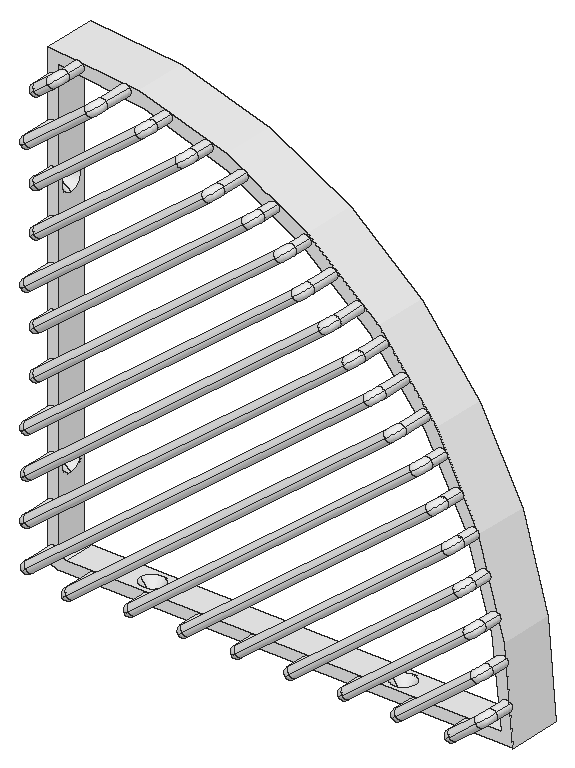
Revit family "Soap_Dish-Grohe-Selection_Cube-40809_Series", category Specialty Equipment, host Face, Revit 2018
Family settings
  Host = Face
  Round Connector Dimension = Use Diameter
  Part Type = Normal
  OmniClass Number = 23.40.20.21.34
  OmniClass Title = Soap Holders, Dispensers
  Cut with Voids When Loaded = No
  Shared = Yes
  Room Calculation Point = No
Parameters (values of type "40809000")
  Width = 7 7/8"  # constant formula
  URL = "https://www.grohe.us"
  Type Comments = ""
  Revised Date = "05/28/2021"  # constant formula
  Product Page URL = "https://www.grohe.us/en_us/selection-cube-corner-shelf-40809000.html"
  Price = "Prices may vary. Please consult Manufacturer Representative for most up-to-date price list."  # constant formula
  Model = "40809000"
  Material = "Metal-Grohe-000-StarLight Chrome"
  Manufacturer = "Grohe"  # constant formula
  Length = 7 7/8"  # constant formula
  Installation Type = "Wall Mounted"  # constant formula
  Height = 1 5/8"  # constant formula
  Finish = Metal-Grohe-000-StarLight Chrome
  Description = "Selection Cube Corner shelf"  # constant formula
  Default Elevation = 43"  # constant formula
  Creation Date = "07/20/2017"  # constant formula
  Assembly Code = "C1030200"
Reference planes (in)
  plane 1 "Center (Front/Back)": y = 0
  plane 2: z = 0
  plane 3 "Center (Left/Right)": x = 0
  plane 4: z = 7.875
  plane 5: x = -2.625
  plane 6: x = 5.25
  plane 7: y = 0.6875
  plane 8: y = -0.9375
  plane 9: z = 7.875
  plane 10: y = 0.3125
Forms (in)
  Sweep 1, solid, material "Metal-Grohe-000-StarLight Chrome" <- "Finish"
    path origin (1.67027, 0, 2.87297) x (0.783523, 0, 0.621363) y (0, 1, 0)
      loop
        line (-4.47306, -0.22656) -> (-4.47306, -0.72266)
        arc (-4.47306, -0.72266) -> (-4.43645, -0.81104) -> (-4.34806, -0.84766) r 0.125
        line (-4.34806, -0.84766) -> (2.53556, -0.84766)
        arc (2.53556, -0.84766) -> (2.62395, -0.81104) -> (2.66056, -0.72266) r 0.125
        line (2.66056, -0.72266) -> (2.66056, -0.22656)
    profile origin (-1.83448, -0.47461, 0.09357) x (0.783523, 0, 0.621363) y (-0.621363, 0, 0.783523)
      loop
        circle (0, 0) r 0.0899
  Sweep 2, solid, material "Metal-Grohe-000-StarLight Chrome" <- "Finish"
    path origin (1.05612, 0, 5.92291) x (0.783523, 0, 0.621363) y (0, 1, 0)
      loop
        line (-4.56832, -0.22656) -> (-4.56832, -0.53991)
        arc (-4.56832, -0.53991) -> (-4.53171, -0.6283) -> (-4.44332, -0.66491) r 0.125
        line (-4.44332, -0.66491) -> (0.75611, -0.66491)
        arc (0.75611, -0.66491) -> (0.8445, -0.6283) -> (0.88111, -0.53991) r 0.125
        line (0.88111, -0.53991) -> (0.88111, -0.22656)
    profile origin (-2.52327, -0.38324, 3.08432) x (0.783523, 0, 0.621363) y (-0.621363, 0, 0.783523)
      loop
        circle (0, 0) r 0.0899
  Sweep 3, solid, material "Metal-Grohe-000-StarLight Chrome" <- "Finish"
    path origin (3.12869, 0, 3.30945) x (0.783523, 0, 0.621363) y (0, -1, 0)
      loop
        line (-5.1777, 0.22656) -> (-5.1777, 0.53991)
        arc (-5.1777, 0.53991) -> (-5.14109, 0.6283) -> (-5.0527, 0.66491) r 0.125
        line (-5.0527, 0.66491) -> (1.05298, 0.66491)
        arc (1.05298, 0.66491) -> (1.14137, 0.6283) -> (1.17798, 0.53991) r 0.125
        line (1.17798, 0.53991) -> (1.17798, 0.22656)
    profile origin (-0.92816, -0.38324, 0.09222) x (-0.783523, 0, -0.621363) y (0.621363, 0, -0.783523)
      loop
        circle (0, 0) r 0.0899
  Sweep 4, solid, material "Metal-Grohe-000-StarLight Chrome" <- "Finish"
    path origin (1.32471, 0, 3.3087) x (0.783523, 0, 0.621363) y (0, 1, 0)
      loop
        line (-4.91056, -0.22656) -> (-4.91056, -0.72266)
        arc (-4.91056, -0.72266) -> (-4.87395, -0.81104) -> (-4.78556, -0.84766) r 0.125
        line (-4.78556, -0.84766) -> (2.53556, -0.84766)
        arc (2.53556, -0.84766) -> (2.62395, -0.81104) -> (2.66056, -0.72266) r 0.125
        line (2.66056, -0.72266) -> (2.66056, -0.22656)
    profile origin (-2.52282, -0.47461, 0.25746) x (0.783523, 0, 0.621363) y (-0.621363, 0, 0.783523)
      loop
        circle (0, 0) r 0.0899
  Sweep 5, solid, material "Metal-Grohe-000-StarLight Chrome" <- "Finish"
    path origin (0.97916, 0, 3.74443) x (0.783523, 0, 0.621363) y (0, -1, 0)
      loop
        line (-4.48868, 0.22656) -> (-4.48868, 0.72266)
        arc (-4.48868, 0.72266) -> (-4.45207, 0.81104) -> (-4.36368, 0.84766) r 0.125
        line (-4.36368, 0.84766) -> (2.51993, 0.84766)
        arc (2.51993, 0.84766) -> (2.60832, 0.81104) -> (2.64493, 0.72266) r 0.125
        line (2.64493, 0.72266) -> (2.64493, 0.22656)
    profile origin (-2.53782, -0.47461, 0.95533) x (-0.783523, 0, -0.621363) y (0.621363, 0, -0.783523)
      loop
        circle (0, 0) r 0.0899
  Sweep 6, solid, material "Metal-Grohe-000-StarLight Chrome" <- "Finish"
    path origin (0.25681, 0, 4.58465) x (0.783523, 0, 0.621363) y (0, -1, 0)
      loop
        line (-3.56681, 0.22656) -> (-3.56681, 0.72266)
        arc (-3.56681, 0.72266) -> (-3.5302, 0.81104) -> (-3.44181, 0.84766) r 0.125
        line (-3.44181, 0.84766) -> (2.34806, 0.84766)
        arc (2.34806, 0.84766) -> (2.43645, 0.81104) -> (2.47306, 0.72266) r 0.125
        line (2.47306, 0.72266) -> (2.47306, 0.22656)
    profile origin (-2.53787, -0.47461, 2.36837) x (-0.783523, 0, -0.621363) y (0.621363, 0, -0.783523)
      loop
        circle (0, 0) r 0.0899
  Sweep 7, solid, material "Metal-Grohe-000-StarLight Chrome" <- "Finish"
    path origin (0.63361, 0, 4.18017) x (0.783523, 0, 0.621363) y (0, -1, 0)
      loop
        line (-4.03556, 0.22656) -> (-4.03556, 0.72266)
        arc (-4.03556, 0.72266) -> (-3.99895, 0.81104) -> (-3.91056, 0.84766) r 0.125
        line (-3.91056, 0.84766) -> (2.44181, 0.84766)
        arc (2.44181, 0.84766) -> (2.5302, 0.81104) -> (2.56681, 0.72266) r 0.125
        line (2.56681, 0.72266) -> (2.56681, 0.22656)
    profile origin (-2.52834, -0.47461, 1.67262) x (-0.783523, 0, -0.621363) y (0.621363, 0, -0.783523)
      loop
        circle (0, 0) r 0.0899
  Extrusion 8, solid, material "Metal-Grohe-000-StarLight Chrome" <- "Finish"
    sketch origin (0, 0, 0) x (1, 0, 0) y (0, 0, 1)
      loop
        line (5.17166, 0) -> (5.17166, 0.1875) -> (-2.3125, 0.1875)
        arc (-2.3125, 0.1875) -> (-2.40089, 0.22411) -> (-2.4375, 0.3125) r 0.125
        line (-2.4375, 0.3125) -> (-2.4375, 7.80505) -> (-2.625, 7.80505) -> (-2.625, 0.22293)
        arc (-2.625, 0.22293) -> (-2.5597, 0.0653) -> (-2.40207, 0) r 0.22293
        line (-2.40207, 0) -> (5.17166, 0)
    from -0.3125 to 0.22656
  Extrusion 9, solid, material "Metal-Grohe-000-StarLight Chrome" <- "Finish"
    sketch origin (6.47527, 0, -0.56651) x (1, 0, 0) y (0, 0, 1)
      loop
        arc (-1.22627, 0.56651) -> (-3.49519, 6.17159) -> (-9.10027, 8.4405) r 7.75
        line (-9.10027, 8.4405) -> (-9.10027, 8.24177)
        arc (-9.10027, 8.24177) -> (-3.64531, 6.01572) -> (-1.40522, 0.56651) r 7.625
        line (-1.40522, 0.56651) -> (-1.22627, 0.56651)
    from -0.6875 to 0.22656
  Sweep 10, solid, material "Metal-Grohe-000-StarLight Chrome" <- "Finish"
    path origin (1.05612, 0, 6.67291) x (0.783523, 0, 0.621363) y (0, 1, 0)
      loop
        line (-4.56832, -0.22656) -> (-4.56832, -0.53991)
        arc (-4.56832, -0.53991) -> (-4.53171, -0.6283) -> (-4.44332, -0.66491) r 0.125
        line (-4.44332, -0.66491) -> (0.06861, -0.66491)
        arc (0.06861, -0.66491) -> (0.157, -0.6283) -> (0.19361, -0.53991) r 0.125
        line (0.19361, -0.53991) -> (0.19361, -0.22656)
    profile origin (-2.52327, -0.38324, 3.83432) x (0.783523, 0, 0.621363) y (-0.621363, 0, 0.783523)
      loop
        circle (0, 0) r 0.0899
  Sweep 11, solid, material "Metal-Grohe-000-StarLight Chrome" <- "Finish"
    path origin (1.05612, 0, 8.09168) x (0.783523, 0, 0.621363) y (0, 1, 0)
      loop
        line (-4.56832, -0.22656) -> (-4.56832, -0.53991)
        arc (-4.56832, -0.53991) -> (-4.53171, -0.6283) -> (-4.44332, -0.66491) r 0.125
        line (-4.44332, -0.66491) -> (-1.36889, -0.66491)
        arc (-1.36889, -0.66491) -> (-1.2805, -0.6283) -> (-1.24389, -0.53991) r 0.125
        line (-1.24389, -0.53991) -> (-1.24389, -0.22656)
    profile origin (-2.52327, -0.38324, 5.25309) x (0.783523, 0, 0.621363) y (-0.621363, 0, 0.783523)
      loop
        circle (0, 0) r 0.0899
  Sweep 12, solid, material "Metal-Grohe-000-StarLight Chrome" <- "Finish"
    path origin (0.25681, 0, 6.75343) x (0.783523, 0, 0.621363) y (0, -1, 0)
      loop
        line (-3.56681, 0.22656) -> (-3.56681, 0.72266)
        arc (-3.56681, 0.72266) -> (-3.5302, 0.81104) -> (-3.44181, 0.84766) r 0.125
        line (-3.44181, 0.84766) -> (0.41056, 0.84766)
        arc (0.41056, 0.84766) -> (0.49895, 0.81104) -> (0.53556, 0.72266) r 0.125
        line (0.53556, 0.72266) -> (0.53556, 0.22656)
    profile origin (-2.53787, -0.47461, 4.53714) x (-0.783523, 0, -0.621363) y (0.621363, 0, -0.783523)
      loop
        circle (0, 0) r 0.0899
  Sweep 13, solid, material "Metal-Grohe-000-StarLight Chrome" <- "Finish"
    path origin (1.05612, 0, 8.84168) x (0.783523, 0, 0.621363) y (0, 1, 0)
      loop
        line (-4.56832, -0.22656) -> (-4.56832, -0.53991)
        arc (-4.56832, -0.53991) -> (-4.53171, -0.6283) -> (-4.44332, -0.66491) r 0.125
        line (-4.44332, -0.66491) -> (-2.24389, -0.66491)
        arc (-2.24389, -0.66491) -> (-2.1555, -0.6283) -> (-2.11889, -0.53991) r 0.125
        line (-2.11889, -0.53991) -> (-2.11889, -0.22656)
    profile origin (-2.52327, -0.38324, 6.00309) x (0.783523, 0, 0.621363) y (-0.621363, 0, 0.783523)
      loop
        circle (0, 0) r 0.0899
  Sweep 14, solid, material "Metal-Grohe-000-StarLight Chrome" <- "Finish"
    path origin (1.05612, 0, 10.26046) x (0.783523, 0, 0.621363) y (0, 1, 0)
      loop
        line (-4.56832, -0.22656) -> (-4.56832, -0.53991)
        arc (-4.56832, -0.53991) -> (-4.53171, -0.6283) -> (-4.44332, -0.66491) r 0.125
        line (-4.44332, -0.66491) -> (-4.15014, -0.66491)
        arc (-4.15014, -0.66491) -> (-4.06175, -0.6283) -> (-4.02514, -0.53991) r 0.125
        line (-4.02514, -0.53991) -> (-4.02514, -0.22656)
    profile origin (-2.52327, -0.38324, 7.42187) x (0.783523, 0, 0.621363) y (-0.621363, 0, 0.783523)
      loop
        circle (0, 0) r 0.0899
  Sweep 15, solid, material "Metal-Grohe-000-StarLight Chrome" <- "Finish"
    path origin (0.25681, 0, 8.9222) x (0.783523, 0, 0.621363) y (0, -1, 0)
      loop
        line (-3.56681, 0.22656) -> (-3.56681, 0.72266)
        arc (-3.56681, 0.72266) -> (-3.5302, 0.81104) -> (-3.44181, 0.84766) r 0.125
        line (-3.44181, 0.84766) -> (-2.12069, 0.84766)
        arc (-2.12069, 0.84766) -> (-2.0323, 0.81104) -> (-1.99569, 0.72266) r 0.125
        line (-1.99569, 0.72266) -> (-1.99569, 0.22656)
    profile origin (-2.53787, -0.47461, 6.70592) x (-0.783523, 0, -0.621363) y (0.621363, 0, -0.783523)
      loop
        circle (0, 0) r 0.0899
  Sweep 16, solid, material "Metal-Grohe-000-StarLight Chrome" <- "Finish"
    path origin (4.03395, 0, 3.30945) x (0.783523, 0, 0.621363) y (0, -1, 0)
      loop
        line (-5.1777, 0.22656) -> (-5.1777, 0.53991)
        arc (-5.1777, 0.53991) -> (-5.14109, 0.6283) -> (-5.0527, 0.66491) r 0.125
        line (-5.0527, 0.66491) -> (0.24048, 0.66491)
        arc (0.24048, 0.66491) -> (0.32887, 0.6283) -> (0.36548, 0.53991) r 0.125
        line (0.36548, 0.53991) -> (0.36548, 0.22656)
    profile origin (-0.02289, -0.38324, 0.09222) x (-0.783523, 0, -0.621363) y (0.621363, 0, -0.783523)
      loop
        circle (0, 0) r 0.0899
  Sweep 17, solid, material "Metal-Grohe-000-StarLight Chrome" <- "Finish"
    path origin (4.93921, 0, 3.30945) x (0.783523, 0, 0.621363) y (0, -1, 0)
      loop
        line (-5.1777, 0.22656) -> (-5.1777, 0.53991)
        arc (-5.1777, 0.53991) -> (-5.14109, 0.6283) -> (-5.0527, 0.66491) r 0.125
        line (-5.0527, 0.66491) -> (-0.57202, 0.66491)
        arc (-0.57202, 0.66491) -> (-0.48363, 0.6283) -> (-0.44702, 0.53991) r 0.125
        line (-0.44702, 0.53991) -> (-0.44702, 0.22656)
    profile origin (0.88237, -0.38324, 0.09222) x (-0.783523, 0, -0.621363) y (0.621363, 0, -0.783523)
      loop
        circle (0, 0) r 0.0899
  Sweep 18, solid, material "Metal-Grohe-000-StarLight Chrome" <- "Finish"
    path origin (5.84448, 0, 3.30945) x (0.783523, 0, 0.621363) y (0, -1, 0)
      loop
        line (-5.1777, 0.22656) -> (-5.1777, 0.53991)
        arc (-5.1777, 0.53991) -> (-5.14109, 0.6283) -> (-5.0527, 0.66491) r 0.125
        line (-5.0527, 0.66491) -> (-1.47827, 0.66491)
        arc (-1.47827, 0.66491) -> (-1.38988, 0.6283) -> (-1.35327, 0.53991) r 0.125
        line (-1.35327, 0.53991) -> (-1.35327, 0.22656)
    profile origin (1.78764, -0.38324, 0.09222) x (-0.783523, 0, -0.621363) y (0.621363, 0, -0.783523)
      loop
        circle (0, 0) r 0.0899
  Sweep 19, solid, material "Metal-Grohe-000-StarLight Chrome" <- "Finish"
    path origin (6.74974, 0, 3.30945) x (0.783523, 0, 0.621363) y (0, -1, 0)
      loop
        line (-5.1777, 0.22656) -> (-5.1777, 0.53991)
        arc (-5.1777, 0.53991) -> (-5.14109, 0.6283) -> (-5.0527, 0.66491) r 0.125
        line (-5.0527, 0.66491) -> (-2.41577, 0.66491)
        arc (-2.41577, 0.66491) -> (-2.32738, 0.6283) -> (-2.29077, 0.53991) r 0.125
        line (-2.29077, 0.53991) -> (-2.29077, 0.22656)
    profile origin (2.6929, -0.38324, 0.09222) x (-0.783523, 0, -0.621363) y (0.621363, 0, -0.783523)
      loop
        circle (0, 0) r 0.0899
  Sweep 20, solid, material "Metal-Grohe-000-StarLight Chrome" <- "Finish"
    path origin (7.65501, 0, 3.30945) x (0.783523, 0, 0.621363) y (0, -1, 0)
      loop
        line (-5.1777, 0.22656) -> (-5.1777, 0.53991)
        arc (-5.1777, 0.53991) -> (-5.14109, 0.6283) -> (-5.0527, 0.66491) r 0.125
        line (-5.0527, 0.66491) -> (-3.41577, 0.66491)
        arc (-3.41577, 0.66491) -> (-3.32738, 0.6283) -> (-3.29077, 0.53991) r 0.125
        line (-3.29077, 0.53991) -> (-3.29077, 0.22656)
    profile origin (3.59816, -0.38324, 0.09222) x (-0.783523, 0, -0.621363) y (0.621363, 0, -0.783523)
      loop
        circle (0, 0) r 0.0899
  Sweep 21, solid, material "Metal-Grohe-000-StarLight Chrome" <- "Finish"
    path origin (8.56027, 0, 3.30945) x (0.783523, 0, 0.621363) y (0, -1, 0)
      loop
        line (-5.1777, 0.22656) -> (-5.1777, 0.53991)
        arc (-5.1777, 0.53991) -> (-5.14109, 0.6283) -> (-5.0527, 0.66491) r 0.125
        line (-5.0527, 0.66491) -> (-4.47827, 0.66491)
        arc (-4.47827, 0.66491) -> (-4.38988, 0.6283) -> (-4.35327, 0.53991) r 0.125
        line (-4.35327, 0.53991) -> (-4.35327, 0.22656)
    profile origin (4.50343, -0.38324, 0.09222) x (-0.783523, 0, -0.621363) y (0.621363, 0, -0.783523)
      loop
        circle (0, 0) r 0.0899
  Revolve 22, void
    sketch origin (0, 0.04551, 0) x (1, 0, 0) y (0, 0, 1)
      loop
        line (3.18969, 0.1875) -> (3.18969, 0) -> (3.26049, 0) -> (3.39183, 0.1875) -> (3.18969, 0.1875)
      axis (3.18969, 0) -> (3.18969, 0.1875)
    angle from 0 to 360
  Revolve 23, void
    sketch origin (-4.25, 0.04551, 0) x (1, 0, 0) y (0, 0, 1)
      loop
        line (3.18969, 0.1875) -> (3.18969, 0) -> (3.26049, 0) -> (3.39183, 0.1875) -> (3.18969, 0.1875)
      axis (3.18969, 0) -> (3.18969, 0.1875)
    angle from 0 to 360
  Revolve 24, void
    sketch origin (-2.625, 0.04551, 4.76182) x (0, 0, -1) y (1, 0, 0)
      loop
        line (3.18969, 0.1875) -> (3.18969, 0) -> (3.26049, 0) -> (3.39183, 0.1875) -> (3.18969, 0.1875)
      axis (3.18969, 0) -> (3.18969, 0.1875)
    angle from 0 to 360
  Revolve 25, void
    sketch origin (-2.625, 0.04551, 9.01182) x (0, 0, -1) y (1, 0, 0)
      loop
        line (3.18969, 0.1875) -> (3.18969, 0) -> (3.26049, 0) -> (3.39183, 0.1875) -> (3.18969, 0.1875)
      axis (3.18969, 0) -> (3.18969, 0.1875)
    angle from 0 to 360
Cuts and joins
  Revolve 22, Revolve 23, Revolve 24, Revolve 25 cuts Extrusion 8
  Revolve 23, Revolve 24, Revolve 25 cuts Extrusion 9
  joined: Extrusion 8, Extrusion 9
  joined: Sweep 1, Sweep 2, Sweep 3, Sweep 4, Sweep 5, Sweep 6, Sweep 7, Sweep 10, Sweep 11, Sweep 12, Sweep 13, Sweep 14, Sweep 15, Sweep 16, Sweep 17, Sweep 18, Sweep 19, Sweep 20, Sweep 21
Lines and regions (in)
  Masking region 1
    outline origin (0, 0, 0) x (1, 0, 0) y (0, 0, 1)
      loop
        arc (5.24899, 0) -> (2.98008, 5.60508) -> (-2.625, 7.87399) r 7.75
        line (-2.625, 7.87399) -> (-2.625, 0.22293)
        arc (-2.625, 0.22293) -> (-2.5597, 0.0653) -> (-2.40207, 0) r 0.22293
        line (-2.40207, 0) -> (5.24899, 0)
  symbolic lines, detail levels medium+fine
    curve 1: arc (-2.4375, 0, 7.67468) -> (2.82996, 0, 5.44921) -> (5.06899, 0, 0.1875) r 7.625
    curve 2: line (5.06899, 0, 0.1875) -> (-2.30746, 0, 0.1875)
    curve 3: line (-2.4375, 0, 0.31754) -> (-2.4375, 0, 7.67468)
    curve 4: arc (-2.30746, 0, 0.1875) -> (-2.39941, 0, 0.22559) -> (-2.4375, 0, 0.31754) r 0.13004
    curve 5: line (5.06125, 0, 0.42019) -> (4.76343, 0, 0.1875)
    curve 6: line (5.04787, 0, 0.63394) -> (4.47645, 0, 0.1875)
    curve 7: line (4.99942, 0, 1.08721) -> (3.86354, 0, 0.1875)
    curve 8: line (4.96832, 0, 1.29299) -> (3.5738, 0, 0.1875)
    curve 9: line (4.88679, 0, 1.71298) -> (2.96089, 0, 0.1875)
    curve 10: line (4.84098, 0, 1.90619) -> (2.67115, 0, 0.1875)
    curve 11: line (4.72976, 0, 2.30358) -> (2.05824, 0, 0.1875)
    curve 12: line (4.67021, 0, 2.48781) -> (1.7685, 0, 0.1875)
    curve 13: line (4.53278, 0, 2.86253) -> (1.15559, 0, 0.1875)
    curve 14: line (4.46087, 0, 3.03742) -> (0.86585, 0, 0.1875)
    curve 15: line (4.29895, 0, 3.39229) -> (0.25294, 0, 0.1875)
    curve 16: line (4.21645, 0, 3.55644) -> (-0.0368, 0, 0.1875)
    curve 17: line (4.03039, 0, 3.89454) -> (-0.64971, 0, 0.1875)
    curve 18: line (3.93575, 0, 4.05227) -> (-0.93945, 0, 0.1875)
    curve 19: line (3.72697, 0, 4.37264) -> (-1.55236, 0, 0.1875)
    curve 20: line (3.62304, 0, 4.51994) -> (-1.8421, 0, 0.1875)
    curve 21: line (3.39221, 0, 4.82279) -> (-2.40266, 0, 0.22896)
    curve 22: line (3.27751, 0, 4.9623) -> (-2.4375, 0, 0.43178)
    curve 23: line (3.02572, 0, 5.2466) -> (-2.4375, 0, 0.91568)
    curve 24: line (-2.4375, 0, 1.77432) -> (-2.4375, 0, 0.31754)
    curve 25: line (2.89842, 0, 5.38005) -> (-2.4375, 0, 1.15005)
    curve 26: line (2.62398, 0, 5.6471) -> (-2.4375, 0, 1.63466)
    curve 27: line (2.48576, 0, 5.7719) -> (-2.4375, 0, 1.86903)
    curve 28: line (2.20313, 0, 6.00901) -> (-2.4375, 0, 2.3302)
    curve 29: line (2.05395, 0, 6.12513) -> (-2.4375, 0, 2.56458)
    curve 30: line (1.74392, 0, 6.34834) -> (-2.4375, 0, 3.03356)
    curve 31: line (1.58305, 0, 6.45519) -> (-2.4375, 0, 3.26793)
    curve 32: line (1.20869, 0, 6.68209) -> (-2.4375, 0, 3.7916)
    curve 33: line (1.03419, 0, 6.77813) -> (-2.4375, 0, 4.02598)
    curve 34: line (0.66825, 0, 6.96092) -> (-2.4375, 0, 4.49887)
    curve 35: line (0.47965, 0, 7.04578) -> (-2.4375, 0, 4.73324)
    curve 36: line (0.08349, 0, 7.20461) -> (-2.4375, 0, 5.20613)
    curve 37: line (-0.12113, 0, 7.27678) -> (-2.4375, 0, 5.4405)
    curve 38: line (-0.589, 0, 7.41783) -> (-2.4375, 0, 5.95245)
    curve 39: line (-0.81364, 0, 7.47413) -> (-2.4375, 0, 6.18683)
    curve 40: line (-1.29754, 0, 7.57122) -> (-2.4375, 0, 6.66753)
    curve 41: line (-1.54608, 0, 7.60857) -> (-2.4375, 0, 6.9019)
    curve 42: line (-2.07262, 0, 7.66032) -> (-2.4375, 0, 7.37106)
    curve 43: line (-2.3512, 0, 7.67287) -> (-2.4375, 0, 7.60544)
Dimensions and locks (in)
  plane 7 to plane 8 = 1 5/8"
  "Length": plane 2 to plane 4
  plane 10 to plane 8 = 1 1/4"
  "Height": plane 7 to plane 8
  plane 8 to plane 10 = 1 1/4"
  Masking region 1 to Masking region 1 = 11.13551"
  plane 6 to plane 5 = 7 7/8"
  aligned and locked: plane 2 to host face
  aligned and locked: level to host face
  aligned and locked: Extrusion 8 to plane 10
  aligned and locked: plane 7 to Extrusion 9
  aligned and locked: Extrusion 9 sketch curve to host face
  aligned and locked: Extrusion 9 sketch curve to Extrusion 8
Automatic sketch dimensions
  host sketch curve to host sketch curve = 96"  (x2)
  Sweep 1 sketch curve to plane 8 = 55/256"  (x2)
  Sweep 1 sketch curve to Sweep 1 sketch curve = 1/8"
  Sweep 1 sketch curve to Sweep 1 sketch curve = 6.88362"
  plane 1 "Center (Front/Back)" to Sweep 1 sketch curve = 29/128"  (x2)
  profile plane to Sweep 1 sketch curve = 0"  (x2)
  Sweep 2 sketch curve to plane 8 = 0.39759"  (x2)
  Sweep 2 sketch curve to Sweep 2 sketch curve = 1/8"
  Sweep 2 sketch curve to Sweep 2 sketch curve = 5.19943"
  plane 1 "Center (Front/Back)" to Sweep 2 sketch curve = 29/128"  (x2)
  profile plane to Sweep 2 sketch curve = 0"  (x2)
  Sweep 3 sketch curve to plane 8 = 0.39759"  (x2)
  Sweep 3 sketch curve to Sweep 3 sketch curve = 1/8"
  Sweep 3 sketch curve to Sweep 3 sketch curve = 6.10568"
  plane 1 "Center (Front/Back)" to Sweep 3 sketch curve = 29/128"  (x2)
  Sweep 3 sketch curve to profile plane = 0"  (x2)
  Sweep 4 sketch curve to plane 8 = 55/256"  (x2)
  Sweep 4 sketch curve to Sweep 4 sketch curve = 1/8"
  Sweep 4 sketch curve to Sweep 4 sketch curve = 7.32112"
  plane 1 "Center (Front/Back)" to Sweep 4 sketch curve = 29/128"  (x2)
  profile plane to Sweep 4 sketch curve = 0"  (x2)
  Sweep 5 sketch curve to plane 8 = 55/256"  (x2)
  Sweep 5 sketch curve to Sweep 5 sketch curve = 1/8"
  Sweep 5 sketch curve to Sweep 5 sketch curve = 6.88362"
  plane 1 "Center (Front/Back)" to Sweep 5 sketch curve = 29/128"  (x2)
  Sweep 5 sketch curve to profile plane = 0"  (x2)
  Sweep 6 sketch curve to plane 8 = 55/256"  (x2)
  Sweep 6 sketch curve to Sweep 6 sketch curve = 1/8"
  Sweep 6 sketch curve to Sweep 6 sketch curve = 5.78987"
  plane 1 "Center (Front/Back)" to Sweep 6 sketch curve = 29/128"  (x2)
  Sweep 6 sketch curve to profile plane = 0"  (x2)
  Sweep 7 sketch curve to plane 8 = 55/256"  (x2)
  Sweep 7 sketch curve to Sweep 7 sketch curve = 1/8"
  Sweep 7 sketch curve to Sweep 7 sketch curve = 6.35237"
  plane 1 "Center (Front/Back)" to Sweep 7 sketch curve = 29/128"  (x2)
  Sweep 7 sketch curve to profile plane = 0"  (x2)
  plane 5 to Extrusion 8 sketch curve = 0"
  Extrusion 8 sketch curve to level = 0"
  Extrusion 8 sketch curve to Extrusion 8 sketch curve = 3/16"  (x2)
  Extrusion 8 sketch curve to Extrusion 8 sketch curve = 0.03543"
  Extrusion 8 sketch curve to Extrusion 8 sketch curve = 1/8"
  Extrusion 8 sketch curve to plane 6 = 0.07834"
  Extrusion 8 sketch curve to plane 4 = 0.06995"
  level to Extrusion 9 sketch curve = 0.05058"
  Extrusion 9 sketch curve to plane 5 = 0.07022"
  Extrusion 9 sketch curve to Extrusion 9 sketch curve = 0.05478"
  Extrusion 9 sketch curve to plane 6 = 0.17995"
  Extrusion 9 sketch curve to plane 6 = 0.00101"
  Extrusion 9 sketch curve to Extrusion 9 sketch curve = 0.07442"
  Sweep 10 sketch curve to plane 8 = 0.39759"  (x2)
  Sweep 10 sketch curve to Sweep 10 sketch curve = 1/8"
  Sweep 10 sketch curve to Sweep 10 sketch curve = 4.51193"
  plane 1 "Center (Front/Back)" to Sweep 10 sketch curve = 29/128"  (x2)
  profile plane to Sweep 10 sketch curve = 0"  (x2)
  Sweep 11 sketch curve to plane 8 = 0.39759"  (x2)
  Sweep 11 sketch curve to Sweep 11 sketch curve = 1/8"
  Sweep 11 sketch curve to Sweep 11 sketch curve = 3.07443"
  plane 1 "Center (Front/Back)" to Sweep 11 sketch curve = 29/128"  (x2)
  profile plane to Sweep 11 sketch curve = 0"  (x2)
  Sweep 12 sketch curve to plane 8 = 55/256"  (x2)
  Sweep 12 sketch curve to Sweep 12 sketch curve = 1/8"
  Sweep 12 sketch curve to Sweep 12 sketch curve = 3.85237"
  plane 1 "Center (Front/Back)" to Sweep 12 sketch curve = 29/128"  (x2)
  Sweep 12 sketch curve to profile plane = 0"  (x2)
  Sweep 13 sketch curve to plane 8 = 0.39759"  (x2)
  Sweep 13 sketch curve to Sweep 13 sketch curve = 1/8"
  Sweep 13 sketch curve to Sweep 13 sketch curve = 2.19943"
  plane 1 "Center (Front/Back)" to Sweep 13 sketch curve = 29/128"  (x2)
  profile plane to Sweep 13 sketch curve = 0"  (x2)
  Sweep 14 sketch curve to plane 8 = 0.39759"
  Sweep 14 sketch curve to Sweep 14 sketch curve = 1/8"  (x2)
  Sweep 14 sketch curve to Sweep 14 sketch curve = 0.29318"
  plane 1 "Center (Front/Back)" to Sweep 14 sketch curve = 29/128"  (x2)
  profile plane to Sweep 14 sketch curve = 0"  (x2)
  Sweep 15 sketch curve to plane 8 = 55/256"  (x2)
  Sweep 15 sketch curve to Sweep 15 sketch curve = 1/8"
  Sweep 15 sketch curve to Sweep 15 sketch curve = 1.32112"
  plane 1 "Center (Front/Back)" to Sweep 15 sketch curve = 29/128"  (x2)
  Sweep 15 sketch curve to profile plane = 0"  (x2)
  Sweep 16 sketch curve to plane 8 = 0.39759"  (x2)
  Sweep 16 sketch curve to Sweep 16 sketch curve = 1/8"
  Sweep 16 sketch curve to Sweep 16 sketch curve = 5.29318"
  plane 1 "Center (Front/Back)" to Sweep 16 sketch curve = 29/128"  (x2)
  Sweep 16 sketch curve to profile plane = 0"  (x2)
  Sweep 17 sketch curve to plane 8 = 0.39759"  (x2)
  Sweep 17 sketch curve to Sweep 17 sketch curve = 1/8"
  Sweep 17 sketch curve to Sweep 17 sketch curve = 4.48068"
  plane 1 "Center (Front/Back)" to Sweep 17 sketch curve = 29/128"  (x2)
  Sweep 17 sketch curve to profile plane = 0"  (x2)
  Sweep 18 sketch curve to plane 8 = 0.39759"  (x2)
  Sweep 18 sketch curve to Sweep 18 sketch curve = 1/8"
  Sweep 18 sketch curve to Sweep 18 sketch curve = 3.57443"
  plane 1 "Center (Front/Back)" to Sweep 18 sketch curve = 29/128"  (x2)
  Sweep 18 sketch curve to profile plane = 0"  (x2)
  Sweep 19 sketch curve to plane 8 = 0.39759"  (x2)
  Sweep 19 sketch curve to Sweep 19 sketch curve = 1/8"
  Sweep 19 sketch curve to Sweep 19 sketch curve = 2.63693"
  plane 1 "Center (Front/Back)" to Sweep 19 sketch curve = 29/128"  (x2)
  Sweep 19 sketch curve to profile plane = 0"  (x2)
  Sweep 20 sketch curve to plane 8 = 0.39759"  (x2)
  Sweep 20 sketch curve to Sweep 20 sketch curve = 1/8"
  Sweep 20 sketch curve to Sweep 20 sketch curve = 1.63693"
  plane 1 "Center (Front/Back)" to Sweep 20 sketch curve = 29/128"  (x2)
  Sweep 20 sketch curve to profile plane = 0"  (x2)
  Sweep 21 sketch curve to plane 8 = 0.39759"
  Sweep 21 sketch curve to Sweep 21 sketch curve = 1/8"  (x2)
  Sweep 21 sketch curve to Sweep 21 sketch curve = 0.57443"
  plane 1 "Center (Front/Back)" to Sweep 21 sketch curve = 29/128"  (x2)
  Sweep 21 sketch curve to profile plane = 0"  (x2)
  Revolve 22 sketch curve to level = 0"
  level to Revolve 22 sketch curve = 3/16"
  Revolve 22 sketch curve to plane 6 = 2.06031"
  Revolve 22 sketch curve to Revolve 22 sketch curve = 0.0708"
  Revolve 22 sketch curve to Revolve 22 sketch curve = 0.20214"
  Revolve 22 sketch curve to Revolve 22 sketch curve = 0"
  Revolve 22 sketch curve to Revolve 22 sketch curve = 0.0222"
  Revolve 22 sketch curve to Revolve 22 sketch curve = 0.04863"
  Revolve 23 sketch curve to level = 0"
  level to Revolve 23 sketch curve = 3/16"
  Revolve 23 sketch curve to plane 3 "Center (Left/Right)" = 1.06031"
  Revolve 23 sketch curve to Revolve 23 sketch curve = 0.0708"
  Revolve 23 sketch curve to Revolve 23 sketch curve = 0.20214"
  Revolve 23 sketch curve to Revolve 23 sketch curve = 0"
  Revolve 23 sketch curve to Revolve 23 sketch curve = 0.0222"
  Revolve 23 sketch curve to Revolve 23 sketch curve = 0.04863"
  plane 5 to Revolve 24 sketch curve = 0"
  Revolve 24 sketch curve to plane 5 = 3/16"
  level to Revolve 24 sketch curve = 1.57213"
  Revolve 24 sketch curve to Revolve 24 sketch curve = 0.0708"
  Revolve 24 sketch curve to Revolve 24 sketch curve = 0.20214"
  Revolve 24 sketch curve to Revolve 24 sketch curve = 0"
  Revolve 24 sketch curve to Revolve 24 sketch curve = 0.0222"
  Revolve 24 sketch curve to Revolve 24 sketch curve = 0.04863"
  plane 5 to Revolve 25 sketch curve = 0"
  Revolve 25 sketch curve to plane 5 = 3/16"
  Revolve 25 sketch curve to plane 4 = 2.05287"
  Revolve 25 sketch curve to Revolve 25 sketch curve = 0.0708"
  Revolve 25 sketch curve to Revolve 25 sketch curve = 0.20214"
  Revolve 25 sketch curve to Revolve 25 sketch curve = 0"
  Revolve 25 sketch curve to Revolve 25 sketch curve = 0.0222"
  Revolve 25 sketch curve to Revolve 25 sketch curve = 0.04863"
  curve 1 to plane 5 = 0.07022"
  curve 3 to plane 5 = 3/16"
  curve 4 to curve 2 = 0.13004"
  curve 2 to plane 6 = 0.18101"
  level to curve 1 = 0.05058"
  level to curve 2 = 3/16"
  curve 4 to curve 21 = 0.03484"
  curve 43 to plane 4 = 0.20213"
  curve 42 to plane 4 = 0.21468"
  curve 4 to curve 20 = 0.46535"
  curve 20 to curve 19 = 0.28975"
  curve 41 to plane 4 = 0.26643"
  curve 40 to plane 4 = 0.30378"
  curve 19 to curve 18 = 0.6129"
  curve 39 to plane 4 = 0.40087"
  curve 18 to curve 17 = 0.28975"
  curve 38 to plane 4 = 0.45717"
  curve 37 to plane 3 "Center (Left/Right)" = 0.12113"
  curve 16 to plane 3 "Center (Left/Right)" = 0.0368"
  plane 3 "Center (Left/Right)" to curve 36 = 0.08349"
  plane 3 "Center (Left/Right)" to curve 15 = 0.25294"
  curve 36 to curve 35 = 0.39617"
  curve 35 to curve 34 = 0.1886"
  curve 15 to curve 14 = 0.6129"
  curve 34 to curve 33 = 0.36595"
  curve 14 to curve 13 = 0.28975"
  curve 32 to plane 4 = 1.19291"
  curve 31 to plane 4 = 1.41981"
  curve 30 to plane 4 = 1.52666"
  curve 13 to curve 12 = 0.6129"
  curve 29 to plane 4 = 1.74987"
  curve 12 to curve 11 = 0.28975"
  curve 28 to plane 4 = 1.86599"
  curve 27 to plane 4 = 2.1031"
  curve 11 to curve 10 = 0.6129"
  curve 26 to curve 25 = 0.27444"
  curve 10 to curve 9 = 0.28975"
  curve 25 to curve 23 = 0.12731"
  curve 23 to curve 22 = 0.25179"
  curve 22 to curve 21 = 0.1147"
  curve 9 to curve 8 = 0.6129"
  curve 21 to curve 20 = 0.23083"
  curve 20 to curve 19 = 0.10393"
  curve 8 to curve 7 = 0.28975"
  curve 19 to curve 18 = 0.20878"
  curve 18 to curve 17 = 0.09464"
  curve 17 to curve 16 = 0.18605"
  curve 16 to curve 15 = 0.0825"
  curve 15 to curve 14 = 0.16192"
  curve 6 to curve 2 = 0.59254"
  curve 14 to curve 13 = 0.07191"
  curve 13 to curve 12 = 0.13743"
  curve 12 to curve 11 = 0.05955"
  curve 6 to curve 5 = 0.28698"
  curve 10 to plane 6 = 0.40902"
  curve 10 to curve 9 = 0.04581"
  curve 8 to plane 6 = 0.28168"
  curve 8 to curve 7 = 0.0311"
  curve 6 to plane 6 = 0.20213"
  curve 5 to plane 6 = 0.18875"
  curve 3 to curve 22 = 0.11424"
  curve 22 to curve 23 = 0.48389"
  curve 23 to curve 25 = 15/64"
  curve 25 to curve 26 = 0.48461"
  curve 26 to curve 24 = 0.13966"
  curve 24 to curve 27 = 0.09472"
  curve 27 to curve 28 = 0.46117"
  curve 11 to curve 12 = 0.18423"
  curve 28 to curve 29 = 15/64"
  curve 29 to curve 30 = 0.46898"
  curve 30 to curve 31 = 15/64"
  curve 31 to curve 32 = 0.52367"
  curve 32 to curve 33 = 15/64"
  curve 33 to curve 34 = 0.47289"
  curve 34 to curve 35 = 15/64"
  curve 35 to curve 36 = 0.47289"
  curve 36 to curve 37 = 15/64"
  curve 37 to curve 38 = 0.51195"
  curve 38 to curve 39 = 15/64"
  curve 39 to curve 40 = 0.4807"
  curve 40 to curve 41 = 15/64"
  curve 42 to curve 3 = 0.30362"
  curve 43 to curve 3 = 0.06924"
  plane 5 to Masking region 1 sketch curve = 0"
  Masking region 1 sketch curve to level = 0"
  Masking region 1 sketch curve to plane 6 = 0.00101"
  level to Masking region 1 sketch curve = 1/8"
  Masking region 1 sketch curve to Masking region 1 sketch curve = 0.09793"  (x2)
  radius of Sweep 1 sketch curve = 0.0899"
  radius of Sweep 2 sketch curve = 0.0899"
  radius of Sweep 3 sketch curve = 0.0899"
  radius of Sweep 4 sketch curve = 0.0899"
  radius of Sweep 5 sketch curve = 0.0899"
  radius of Sweep 6 sketch curve = 0.0899"
  radius of Sweep 7 sketch curve = 0.0899"
  radius of Sweep 10 sketch curve = 0.0899"
  radius of Sweep 11 sketch curve = 0.0899"
  radius of Sweep 12 sketch curve = 0.0899"
  radius of Sweep 13 sketch curve = 0.0899"
  radius of Sweep 14 sketch curve = 0.0899"
  radius of Sweep 15 sketch curve = 0.0899"
  radius of Sweep 16 sketch curve = 0.0899"
  radius of Sweep 17 sketch curve = 0.0899"
  radius of Sweep 18 sketch curve = 0.0899"
  radius of Sweep 19 sketch curve = 0.0899"
  radius of Sweep 20 sketch curve = 0.0899"
  radius of Sweep 21 sketch curve = 0.0899"
